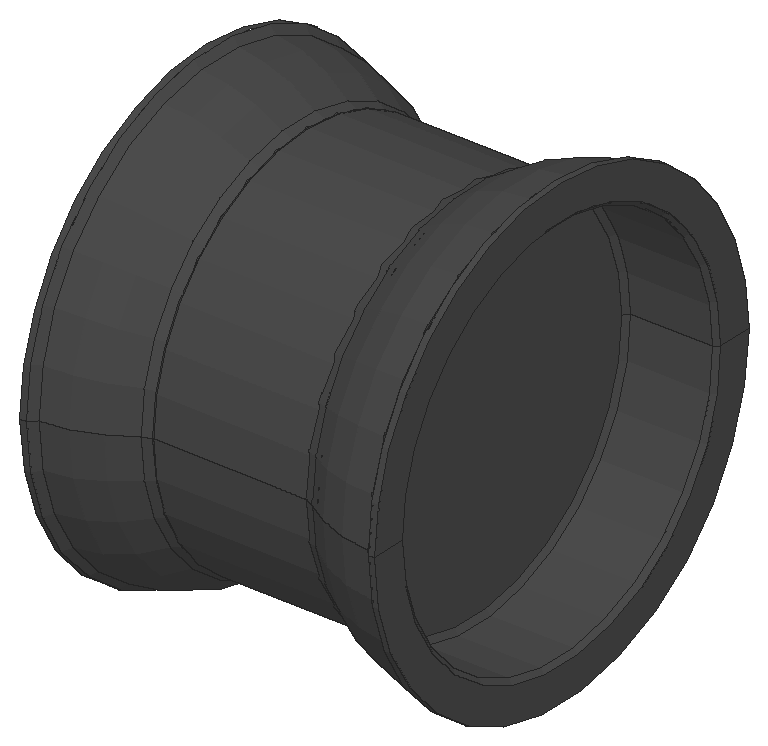
Revit family "FoFo_BB_Luva", category Pipe Fittings, Revit 2025
Family settings
  Round Connector Dimension = Use Radius
  Part Type = Union
  OmniClass Number = 23.60.30.11.14
  OmniClass Title = Pipework Fittings
  Work Plane-Based = Yes
  Always vertical = No
  Cut with Voids When Loaded = No
  Shared = Yes
Parameters (values of type "LJGS_0400")
  Material_Conexao = FOFO
  Manufacturer = "SGC"
  Loss Method = 1
  K Coefficient Table = "Tee"
  Junta_1_Tipo = FoFo_BO_Junta : JGS_0400
  Description = "Luva"
  Default Elevation = 0.0 mm
  DN = "400"
  Corpo_L = 190.0 mm
  Corpo_RE1 = 0.5 * Corpo_DE  # 214.5 mm
  Corpo_DE = 429.0 mm
Reference planes
  plane 1 "EixoP": y = 0
  plane 2: z = 0
  plane 3 "EixoS": x = 468.25
  plane 4 "EE": x = 373.25
  plane 5 "ED": x = 563.25
Forms (mm)
  Sweep 1, solid, material "FOFO"
    path origin (0, 0, 0) x (1, 0, 0) y (0, 1, 0)
      loop
        line (373.25, 0) -> (563.25, 0)
    profile origin (468.25, 0, 0) x (0, 1, 0) y (0, 0, 1)
      loop
        circle (0, 0) r 214.5
Dimensions and locks
  "Corpo_L": plane 4 "EE" to plane 5 "ED"
  equal spacing: plane 4 "EE", plane 3 "EixoS", plane 5 "ED"
  "Corpo_RE1": radius of Sweep 1 sketch curve
  aligned and locked: Sweep 1 sketch curve to plane 1 "EixoP"
  aligned and locked: plane 5 "ED" to Sweep 1 sketch curve
  aligned and locked: plane 4 "EE" to Sweep 1 sketch curve
  aligned and locked: nested 1 to Sweep 1
  aligned and locked: Sweep 1 to nested 2
Automatic sketch dimensions
  Sweep 1 sketch curve to level = 0.0 mm
  Sweep 1 sketch curve to profile plane = 0.0 mm
Nested families
  nested 1: "FoFo_BO_Junta" at (-2065.607, 0, 0), type <- "Junta_1_Tipo", type "JGS_0400"
  nested 2: "FoFo_BO_Junta" at (3002.107, 0, 0) x (-1, 0, 0) z (0, 0, 1), type <- "Junta_1_Tipo", type "JGS_0400"
Connectors
  piping at (563.25, 0, 0), diameter 429, driven by "Corpo_RE1"
    settings: on Sweep 1, index 1, connector inside diameter 24", connector length 0.0 mm, flow factor 0, pipe flow 0 GPM, pressure drop 0.00 psi, fitting loss kfactor 0, connector angle 0.00°, fixture units 0, engagement length 0.0 mm, angle of deflection 0.00°, flow configuration 0, flow direction 0, fitting loss method 0, system type 7, joint type 0, gender type 0, connector reference index -1, connector utility 0, adjustable connector yes, is connector primary yes, connector description ""
  piping at (563.25, 0, 0), diameter 429
    settings: on Sweep 1, index 2, connector inside diameter 24", connector length 0.0 mm, flow factor 0, pipe flow 0 GPM, pressure drop 0.00 psi, fitting loss kfactor 0, connector angle 0.00°, fixture units 0, engagement length 0.0 mm, angle of deflection 0.00°, flow configuration 0, flow direction 0, fitting loss method 0, system type 7, joint type 0, gender type 0, connector reference index -1, connector utility 0, adjustable connector no, is connector primary no, connector description ""
  piping at (373.25, 0, 0), diameter 429, driven by "Corpo_RE1"
    settings: on Sweep 1, index 3, connector inside diameter 24", connector length 0.0 mm, flow factor 0, pipe flow 0 GPM, pressure drop 0.00 psi, fitting loss kfactor 0, connector angle 0.00°, fixture units 0, engagement length 0.0 mm, angle of deflection 0.00°, flow configuration 0, flow direction 0, fitting loss method 0, system type 7, joint type 0, gender type 0, connector reference index -1, connector utility 0, adjustable connector yes, is connector primary no, connector description ""
Definition of nested family "FoFo_BO_Junta"
  Parameters (values of type "JGS_0400")
    Manufacturer = "SGC"
    Loss Method = 1
    K Coefficient Table = "Tee"
    Description = "Bolsas JGS - JTI - JTE"
    Default Elevation = 0.0 mm
    DN = "400"
    Bolsa_RL = 0.5 * Bolsa_DL  # 200.0 mm
    Material_Conexao = none
    Bolsa_DL = 400.0 mm
    Bolsa_Borde3 = Bolsa_Borde1 * 1.1  # 7.7 mm
    Bolsa_Borde1 = 7.0 mm
    Bolsa_RI = 0.5 * Bolsa_DI  # 216.0 mm
    Bolsa_RE = 0.5 * Bolsa_DE  # 214.5 mm
    Bolsa_RB = 0.5 * Bolsa_DB  # 258.5 mm
    Bolsa_Borde2 = Bolsa_Borde1 * 2  # 14.0 mm
    Bolsa_P = 112.0 mm
    Bolsa_E2 = 0.5 * Bolsa_E  # 3.0 mm
    Bolsa_E = 6.0 mm
    Bolsa_DI = 432.0 mm
    Bolsa_DE = 429.0 mm
    Bolsa_DB = 517.0 mm
  Types (16, lengths in mm): name | DN | Bolsa_RL | Bolsa_DL | Bolsa_RI | Bolsa_RE | Bolsa_RB | Bolsa_P | Bolsa_DI | Bolsa_DE | Bolsa_DB
    JGS_1200 | "1200" | 600.0 | 1200.0 | 629.0 | 627.5 | 706.0 | 167.0 | 1258.0 | 1255.0 | 1412.0
    JGS_1000 | "1000" | 500.0 | 1000.0 | 525.5 | 524.0 | 595.5 | 157.0 | 1051.0 | 1048.0 | 1191.0
    JGS_0900 | "900" | 450.0 | 900.0 | 474.0 | 472.5 | 541.0 | 147.0 | 948.0 | 945.0 | 1082.0
    JGS_0800 | "800" | 400.0 | 800.0 | 422.5 | 421.0 | 487.0 | 147.0 | 845.0 | 842.0 | 974.0
    JGS_0700 | "700" | 350.0 | 700.0 | 370.5 | 369.0 | 431.5 | 147.0 | 741.0 | 738.0 | 863.0
    JGS_0600 | "600" | 300.0 | 600.0 | 319.0 | 317.5 | 369.5 | 122.0 | 638.0 | 635.0 | 739.0
    JGS_0500 | "500" | 250.0 | 500.0 | 267.5 | 266.0 | 315.0 | 117.0 | 535.0 | 532.0 | 630.0
    JGS_0450 | "450" | 225.0 | 450.0 | 241.5 | 240.0 | 287.5 | 115.0 | 483.0 | 480.0 | 575.0
    JGS_0400 | "400" | 200.0 | 400.0 | 216.0 | 214.5 | 258.5 | 112.0 | 432.0 | 429.0 | 517.0
    JGS_0350 | "350" | 175.0 | 350.0 | 190.5 | 189.0 | 232.5 | 110.0 | 381.0 | 378.0 | 465.0
    JGS_0300 | "300" | 150.0 | 300.0 | 164.5 | 163.0 | 205.0 | 107.0 | 329.0 | 326.0 | 410.0
    JGS_0250 | "250" | 125.0 | 250.0 | 138.5 | 137.0 | 176.5 | 105.0 | 277.0 | 274.0 | 353.0
    JGS_0200 | "200" | 100.0 | 200.0 | 112.5 | 111.0 | 148.0 | 106.0 | 225.0 | 222.0 | 296.0
    JGS_0150 | "150" | 75.0 | 150.0 | 86.5 | 85.0 | 121.5 | 100.0 | 173.0 | 170.0 | 243.0
    JGS_0100 | "100" | 50.0 | 100.0 | 60.5 | 59.0 | 94.5 | 94.0 | 121.0 | 118.0 | 189.0
    JGS_0080 | "80" | 40.0 | 80.0 | 50.5 | 49.0 | 84.0 | 92.0 | 101.0 | 98.0 | 168.0
  Reference planes
    plane 1 "EixoP": y = 0
    plane 2: z = 0
    plane 3 "EixoS": x = 2618.25
    plane 4: x = 2730.25
    plane 5: y = 258.5
    plane 6: y = 216
    plane 7: y = 214.5
    plane 8: y = 200
  Forms (mm)
    Revolve 1, solid, material <- "Material_Conexao"
      sketch origin (-3000, 0, 0) x (1, 0, 0) y (0, 1, 0)
        loop
          arc (5716.25, 250.8) -> (5670.117, 241.457) -> (5628.857, 218.804) r 156.302
          line (5628.857, 218.804) -> (5618.25, 214.5) -> (5618.25, 200.5) -> (5623.25, 200.5) -> (5633.25, 216) -> (5725.25, 216) -> (5730.25, 221) -> (5730.25, 258.5) -> (5723.25, 258.5) -> (5716.25, 250.8)
        axis (5618.25, 0) -> (5730.25, 0)
      angle from 0 to 360
  Lines and regions (mm)
    model lines, detail levels coarse
      curve 1: line (2618.25, 0, 0) -> (2648.25, 0, 0)
      curve 2: arc (2698.25, 50, 0) -> (2648.25, 0, 0) -> (2698.25, -50, 0) r 50
  Dimensions and locks
    "Bolsa_Borde1": Revolve 1 sketch curve to Revolve 1 sketch curve
    "Bolsa_Borde2": Revolve 1 sketch curve to Revolve 1 sketch curve
    "Bolsa_Borde3": Revolve 1 sketch curve to Revolve 1 sketch curve
    "Bolsa_P": plane 3 "EixoS" to Revolve 1 sketch curve
    "Bolsa_P": plane 4 to plane 3 "EixoS"
    "Bolsa_RB": plane 5 to plane 1 "EixoP"
    "Bolsa_RI": plane 6 to plane 1 "EixoP"
    "Bolsa_RE": plane 7 to plane 1 "EixoP"
    "Bolsa_RL": plane 8 to plane 1 "EixoP"
    aligned and locked: Revolve 1 sketch curve to plane 1 "EixoP"
    aligned and locked: Revolve 1 sketch curve to plane 5
    aligned and locked: plane 6 to Revolve 1 sketch curve
  Automatic sketch dimensions
    curve 1 to plane 1 "EixoP" = 0.0 mm
    curve 1 to plane 3 "EixoS" = 0.0 mm
    plane 1 "EixoP" to curve 2 = 0.0 mm
    plane 3 "EixoS" to curve 2 = 80.0 mm
    plane 3 "EixoS" to curve 1 = 30.0 mm
    Revolve 1 sketch curve to plane 3 "EixoS" = 0.0 mm  (x2)
    Revolve 1 sketch curve to plane 7 = 0.0 mm
    plane 8 to Revolve 1 sketch curve = 0.5 mm
    plane 3 "EixoS" to Revolve 1 sketch curve = 5.0 mm
    plane 6 to Revolve 1 sketch curve = 2.804 mm
    plane 3 "EixoS" to Revolve 1 sketch curve = 10.607 mm
    Revolve 1 sketch curve to Revolve 1 sketch curve = 4.393 mm
    Revolve 1 sketch curve to plane 4 = 6.397 mm
    Revolve 1 sketch curve to plane 4 = 5.0 mm
    plane 6 to Revolve 1 sketch curve = 5.0 mm
    plane 4 to Revolve 1 sketch curve = 9.153 mm
Types in the file's own list only (16): name | Loss Method | Junta_1_Tipo | DN | Corpo_L | Corpo_RE1 | Corpo_DE
  LUVJGS_0080 | K Coefficient from Table | FoFo_BO_Junta : JGS_0080 | "80" | 160.0 mm | 49.0 mm | 98.0 mm
  LUVJGS_0100 | K Coefficient from Table | FoFo_BO_Junta : JGS_0100 | "100" | 160.0 mm | 59.0 mm | 118.0 mm
  LUVJGS_0150 | K Coefficient from Table | FoFo_BO_Junta : JGS_0150 | "150" | 165.0 mm | 85.0 mm | 170.0 mm
  LUVJGS_0200 | K Coefficient from Table | FoFo_BO_Junta : JGS_0200 | "200" | 170.0 mm | 111.0 mm | 222.0 mm
  LUVJGS_0250 | K Coefficient from Table | FoFo_BO_Junta : JGS_0250 | "250" | 175.0 mm | 137.0 mm | 274.0 mm
  LUVJGS_0300 | K Coefficient from Table | FoFo_BO_Junta : JGS_0300 | "300" | 180.0 mm | 163.0 mm | 326.0 mm
  LUVJGS_0350 | K Coefficient from Table | FoFo_BO_Junta : JGS_0350 | "350" | 185.0 mm | 189.0 mm | 378.0 mm
  LUVJGS_0400 | K Coefficient from Table | FoFo_BO_Junta : JGS_0400 | "400" | 190.0 mm | 214.5 mm | 429.0 mm
  LUVJGS_0450 | K Coefficient from Table | FoFo_BO_Junta : JGS_0450 | "450" | 195.0 mm | 240.0 mm | 480.0 mm
  LUVJGS_0500 | K Coefficient from Table | FoFo_BO_Junta : JGS_0500 | "500" | 200.0 mm | 266.0 mm | 532.0 mm
  LUVJGS_0600 | K Coefficient from Table | FoFo_BO_Junta : JGS_0600 | "600" | 210.0 mm | 317.5 mm | 635.0 mm
  LUVJGS_0700 | K Coefficient from Table | FoFo_BO_Junta : JGS_0700 | "700" | 220.0 mm | 369.0 mm | 738.0 mm
  LUVJGS_0800 | K Coefficient from Table | FoFo_BO_Junta : JGS_0800 | "800" | 230.0 mm | 421.0 mm | 842.0 mm
  LUVJGS_0900 | K Coefficient from Table | FoFo_BO_Junta : JGS_0900 | "900" | 240.0 mm | 472.5 mm | 945.0 mm
  LUVJGS_1000 | K Coefficient from Table | FoFo_BO_Junta : JGS_1000 | "1000" | 250.0 mm | 524.0 mm | 1048.0 mm
  LUVJGS_1200 | K Coefficient from Table | FoFo_BO_Junta : JGS_1200 | "1200" | 270.0 mm | 627.5 mm | 1255.0 mm
